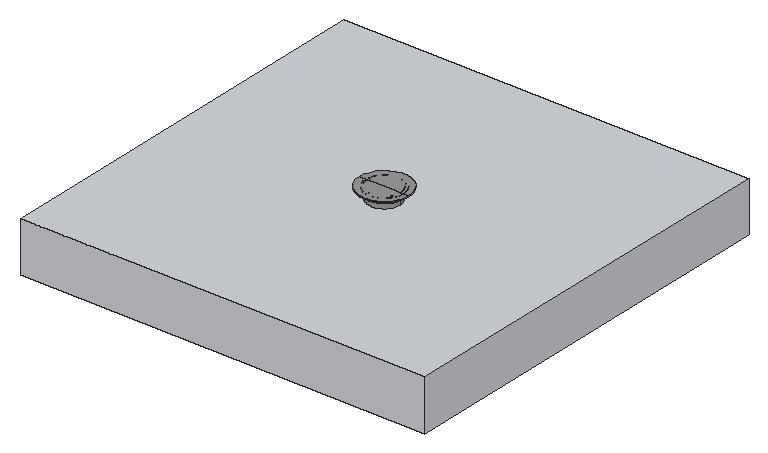
Revit family "LAMP_MUN DARK 300 SURFACE", category Modelos genéricos, Revit 2015 (continued)
Definition of nested family "Fotometria Mun Dark 300"
  Types (3, lengths in mm): name | built-in parameter 1150142 | built-in parameter 1150134 | built-in parameter 1150105 | built-in parameter 1150107 | built-in parameter 1150106 | Photometric Web File
    3000K | "IESNA:LM-63-1995\r\n[TEST] 10540100\r\n[DATE] 26-10-2016\r\n[MANUFAC] LAMP S.A.\r\n[LUMCAT] 10540100\r\n[LUMINAIRE] MUN DARK??300 NW WH.\r\n[LAMPCAT] 600mm de tira flexible LF06A-W3F-840 a 350mA\r\n[LAMP] \r\nTILT=NONE\r\n    1        90 1.00   37   36    1    1   0.400   0.300   0.067\r\n  1.0  1.0    4.0\r\n    0.0    5.0   10.0   15.0   20.0   25.0   30.0   35.0   40.0   45.0   50.0   55.0   60.0   65.0   70.0   75.0   80.0   85.0   90.0   95.0  100.0  105.0  110.0  115.0  120.0  125.0  130.0  135.0  140.0  145.0  150.0  155.0  160.0  165.0  170.0  175.0  180.0\r\n    0.0   10.0   20.0   30.0   40.0   50.0   60.0   70.0   80.0   90.0  100.0  110.0  120.0  130.0  140.0  150.0  160.0  170.0  180.0  190.0  200.0  210.0  220.0  230.0  240.0  250.0  260.0  270.0  280.0  290.0  300.0  310.0  320.0  330.0  340.0  350.0\r\n      18.2      17.9      16.7      15.8      15.6      15.6      15.6      15.5      15.3      14.9      14.5      13.9      13.2      12.4      11.5      10.4       9.3       8.1       7.1       6.2       4.6       2.3       1.1       0.9       0.7       0.6       0.6       0.6       0.5       0.1       0.0       0.0       0.0       0.0       0.0       0.0       0.0\r\n      18.2      17.9      16.7      15.8      15.6      15.6      15.6      15.5      15.3      14.9      14.5      13.9      13.2      12.4      11.5      10.4       9.3       8.1       7.1       6.2       4.6       2.3       1.1       0.9       0.7       0.6       0.6       0.6       0.6       0.1       0.0       0.0       0.0       0.0       0.0       0.0       0.0\r\n      18.2      17.9      16.7      15.8      15.6      15.6      15.6      15.5      15.3      14.9      14.5      13.9      13.2      12.4      11.5      10.5       9.3       8.1       7.1       6.2       4.6       2.3       1.1       0.9       0.7       0.6       0.6       0.6       0.6       0.1       0.0       0.0       0.0       0.0       0.0       0.0       0.0\r\n      18.2      17.9      16.7      15.8      15.6      15.6      15.6      15.5      15.3      14.9      14.5      13.9      13.3      12.4      11.5      10.5       9.3       8.1       7.1       6.2       4.6       2.3       1.1       0.9       0.7       0.7       0.6       0.6       0.6       0.1       0.0       0.0       0.0       0.0       0.0       0.0       0.0\r\n      18.2      17.9      16.7      15.8      15.6      15.6      15.6      15.5      15.3      14.9      14.5      14.0      13.3      12.4      11.5      10.5       9.3       8.1       7.1       6.2       4.6       2.3       1.1       0.9       0.7       0.7       0.6       0.6       0.6       0.1       0.0       0.0       0.0       0.0       0.0       0.0       0.0\r\n      18.2      17.9      16.7      15.8      15.6      15.6      15.6      15.5      15.3      14.9      14.5      14.0      13.3      12.4      11.5      10.5       9.3       8.1       7.1       6.2       4.6       2.3       1.1       0.9       0.7       0.7       0.6       0.6       0.6       0.1       0.0       0.0       0.0       0.0       0.0       0.0       0.0\r\n      18.2      17.9      16.7      15.8      15.6      15.6      15.6      15.5      15.3      14.9      14.5      13.9      13.3      12.4      11.5      10.5       9.3       8.1       7.1       6.2       4.6       2.3       1.1       0.9       0.7       0.7       0.6       0.6       0.6       0.1       0.0       0.0       0.0       0.0       0.0       0.0       0.0\r\n      18.2      17.9      16.7      15.8      15.6      15.6      15.6      15.5      15.3      14.9      14.5      13.9      13.2      12.4      11.5      10.5       9.3       8.1       7.1       6.2       4.6       2.3       1.1       0.9       0.7       0.6       0.6       0.6       0.6       0.1       0.0       0.0       0.0       0.0       0.0       0.0       0.0\r\n      18.2      17.9      16.7      15.8      15.6      15.6      15.6      15.5      15.3      14.9      14.5      13.9      13.2      12.4      11.5      10.4       9.3       8.1       7.1       6.2       4.6       2.3       1.1       0.9       0.7       0.6       0.6       0.6       0.6       0.1       0.0       0.0       0.0       0.0       0.0       0.0       0.0\r\n      18.2      17.9      16.7      15.8      15.6      15.6      15.6      15.5      15.3      14.9      14.5      13.9      13.2      12.4      11.5      10.4       9.3       8.1       7.1       6.2       4.6       2.3       1.1       0.9       0.7       0.6       0.6       0.6       0.5       0.1       0.0       0.0       0.0       0.0       0.0       0.0       0.0\r\n      18.2      17.9      16.7      15.8      15.6      15.6      15.6      15.5      15.3      14.9      14.5      13.9      13.2      12.4      11.5      10.4       9.3       8.1       7.1       6.2       4.6       2.3       1.1       0.9       0.7       0.6       0.6       0.6       0.6       0.1       0.0       0.0       0.0       0.0       0.0       0.0       0.0\r\n      18.2      17.9      16.7      15.8      15.6      15.6      15.6      15.5      15.3      14.9      14.5      13.9      13.2      12.4      11.5      10.5       9.3       8.1       7.1       6.2       4.6       2.3       1.1       0.9       0.7       0.6       0.6       0.6       0.6       0.1       0.0       0.0       0.0       0.0       0.0       0.0       0.0\r\n      18.2      17.9      16.7      15.8      15.6      15.6      15.6      15.5      15.3      14.9      14.5      13.9      13.3      12.4      11.5      10.5       9.3       8.1       7.1       6.2       4.6       2.3       1.1       0.9       0.7       0.7       0.6       0.6       0.6       0.1       0.0       0.0       0.0       0.0       0.0       0.0       0.0\r\n      18.2      17.9      16.7      15.8      15.6      15.6      15.6      15.5      15.3      14.9      14.5      14.0      13.3      12.4      11.5      10.5       9.3       8.1       7.1       6.2       4.6       2.3       1.1       0.9       0.7       0.7       0.6       0.6       0.6       0.1       0.0       0.0       0.0       0.0       0.0       0.0       0.0\r\n      18.2      17.9      16.7      15.8      15.6      15.6      15.6      15.5      15.3      14.9      14.5      14.0      13.3      12.4      11.5      10.5       9.3       8.1       7.1       6.2       4.6       2.3       1.1       0.9       0.7       0.7       0.6       0.6       0.6       0.1       0.0       0.0       0.0       0.0       0.0       0.0       0.0\r\n      18.2      17.9      16.7      15.8      15.6      15.6      15.6      15.5      15.3      14.9      14.5      13.9      13.3      12.4      11.5      10.5       9.3       8.1       7.1       6.2       4.6       2.3       1.1       0.9       0.7       0.7       0.6       0.6       0.6       0.1       0.0       0.0       0.0       0.0       0.0       0.0       0.0\r\n      18.2      17.9      16.7      15.8      15.6      15.6      15.6      15.5      15.3      14.9      14.5      13.9      13.2      12.4      11.5      10.5       9.3       8.1       7.1       6.2       4.6       2.3       1.1       0.9       0.7       0.6       0.6       0.6       0.6       0.1       0.0       0.0       0.0       0.0       0.0       0.0       0.0\r\n      18.2      17.9      16.7      15.8      15.6      15.6      15.6      15.5      15.3      14.9      14.5      13.9      13.2      12.4      11.5      10.4       9.3       8.1       7.1       6.2       4.6       2.3       1.1       0.9       0.7       0.6       0.6       0.6       0.6       0.1       0.0       0.0       0.0       0.0       0.0       0.0       0.0\r\n      18.2      17.9      16.7      15.8      15.6      15.6      15.6      15.5      15.3      14.9      14.5      13.9      13.2      12.4      11.5      10.4       9.3       8.1       7.1       6.2       4.6       2.3       1.1       0.9       0.7       0.6       0.6       0.6       0.5       0.1       0.0       0.0       0.0       0.0       0.0       0.0       0.0\r\n      18.2      17.9      16.7      15.8      15.6      15.6      15.6      15.5      15.3      14.9      14.5      13.9      13.2      12.4      11.5      10.4       9.3       8.1       7.1       6.2       4.6       2.3       1.1       0.9       0.7       0.6       0.6       0.6       0.6       0.1       0.0       0.0       0.0       0.0       0.0       0.0       0.0\r\n      18.2      17.9      16.7      15.8      15.6      15.6      15.6      15.5      15.3      14.9      14.5      13.9      13.2      12.4      11.5      10.5       9.3       8.1       7.1       6.2       4.6       2.3       1.1       0.9       0.7       0.6       0.6       0.6       0.6       0.1       0.0       0.0       0.0       0.0       0.0       0.0       0.0\r\n      18.2      17.9      16.7      15.8      15.6      15.6      15.6      15.5      15.3      14.9      14.5      13.9      13.3      12.4      11.5      10.5       9.3       8.1       7.1       6.2       4.6       2.3       1.1       0.9       0.7       0.7       0.6       0.6       0.6       0.1       0.0       0.0       0.0       0.0       0.0       0.0       0.0\r\n      18.2      17.9      16.7      15.8      15.6      15.6      15.6      15.5      15.3      14.9      14.5      14.0      13.3      12.4      11.5      10.5       9.3       8.1       7.1       6.2       4.6       2.3       1.1       0.9       0.7       0.7       0.6       0.6       0.6       0.1       0.0       0.0       0.0       0.0       0.0       0.0       0.0\r\n      18.2      17.9      16.7      15.8      15.6      15.6      15.6      15.5      15.3      14.9      14.5      14.0      13.3      12.4      11.5      10.5       9.3       8.1       7.1       6.2       4.6       2.3       1.1       0.9       0.7       0.7       0.6       0.6       0.6       0.1       0.0       0.0       0.0       0.0       0.0       0.0       0.0\r\n      18.2      17.9      16.7      15.8      15.6      15.6      15.6      15.5      15.3      14.9      14.5      13.9      13.3      12.4      11.5      10.5       9.3       8.1       7.1       6.2       4.6       2.3       1.1       0.9       0.7       0.7       0.6       0.6       0.6       0.1       0.0       0.0       0.0       0.0       0.0       0.0       0.0\r\n      18.2      17.9      16.7      15.8      15.6      15.6      15.6      15.5      15.3      14.9      14.5      13.9      13.2      12.4      11.5      10.5       9.3       8.1       7.1       6.2       4.6       2.3       1.1       0.9       0.7       0.6       0.6       0.6       0.6       0.1       0.0       0.0       0.0       0.0       0.0       0.0       0.0\r\n      18.2      17.9      16.7      15.8      15.6      15.6      15.6      15.5      15.3      14.9      14.5      13.9      13.2      12.4      11.5      10.4       9.3       8.1       7.1       6.2       4.6       2.3       1.1       0.9       0.7       0.6       0.6       0.6       0.6       0.1       0.0       0.0       0.0       0.0       0.0       0.0       0.0\r\n      18.2      17.9      16.7      15.8      15.6      15.6      15.6      15.5      15.3      14.9      14.5      13.9      13.2      12.4      11.5      10.4       9.3       8.1       7.1       6.2       4.6       2.3       1.1       0.9       0.7       0.6       0.6       0.6       0.5       0.1       0.0       0.0       0.0       0.0       0.0       0.0       0.0\r\n      18.2      17.9      16.7      15.8      15.6      15.6      15.6      15.5      15.3      14.9      14.5      13.9      13.2      12.4      11.5      10.4       9.3       8.1       7.1       6.2       4.6       2.3       1.1       0.9       0.7       0.6       0.6       0.6       0.6       0.1       0.0       0.0       0.0       0.0       0.0       0.0       0.0\r\n      18.2      17.9      16.7      15.8      15.6      15.6      15.6      15.5      15.3      14.9      14.5      13.9      13.2      12.4      11.5      10.5       9.3       8.1       7.1       6.2       4.6       2.3       1.1       0.9       0.7       0.6       0.6       0.6       0.6       0.1       0.0       0.0       0.0       0.0       0.0       0.0       0.0\r\n      18.2      17.9      16.7      15.8      15.6      15.6      15.6      15.5      15.3      14.9      14.5      13.9      13.3      12.4      11.5      10.5       9.3       8.1       7.1       6.2       4.6       2.3       1.1       0.9       0.7       0.7       0.6       0.6       0.6       0.1       0.0       0.0       0.0       0.0       0.0       0.0       0.0\r\n      18.2      17.9      16.7      15.8      15.6      15.6      15.6      15.5      15.3      14.9      14.5      14.0      13.3      12.4      11.5      10.5       9.3       8.1       7.1       6.2       4.6       2.3       1.1       0.9       0.7       0.7       0.6       0.6       0.6       0.1       0.0       0.0       0.0       0.0       0.0       0.0       0.0\r\n      18.2      17.9      16.7      15.8      15.6      15.6      15.6      15.5      15.3      14.9      14.5      14.0      13.3      12.4      11.5      10.5       9.3       8.1       7.1       6.2       4.6       2.3       1.1       0.9       0.7       0.7       0.6       0.6       0.6       0.1       0.0       0.0       0.0       0.0       0.0       0.0       0.0\r\n      18.2      17.9      16.7      15.8      15.6      15.6      15.6      15.5      15.3      14.9      14.5      13.9      13.3      12.4      11.5      10.5       9.3       8.1       7.1       6.2       4.6       2.3       1.1       0.9       0.7       0.7       0.6       0.6       0.6       0.1       0.0       0.0       0.0       0.0       0.0       0.0       0.0\r\n      18.2      17.9      16.7      15.8      15.6      15.6      15.6      15.5      15.3      14.9      14.5      13.9      13.2      12.4      11.5      10.5       9.3       8.1       7.1       6.2       4.6       2.3       1.1       0.9       0.7       0.6       0.6       0.6       0.6       0.1       0.0       0.0       0.0       0.0       0.0       0.0       0.0\r\n      18.2      17.9      16.7      15.8      15.6      15.6      15.6      15.5      15.3      14.9      14.5      13.9      13.2      12.4      11.5      10.4       9.3       8.1       7.1       6.2       4.6       2.3       1.1       0.9       0.7       0.6       0.6       0.6       0.6       0.1       0.0       0.0       0.0       0.0       0.0       0.0       0.0\r\n" | (empty or 0) | 60.667 (stored number, unit not read) | 3000 (stored number, unit not read) | 0.60667 (stored number, unit not read) | "10540100.IES"
    4000K | "IESNA:LM-63-1995\r\n[TEST] 10540120\r\n[DATE] 26-10-2016\r\n[MANUFAC] LAMP S.A.\r\n[LUMCAT] 10540120\r\n[LUMINAIRE] MUN DARK??120 NW WH.\r\n[LAMPCAT] 200mm de tira flexible LF06A-W3F-840 a 350mA\r\n[LAMP] \r\nTILT=NONE\r\n    1        30 1.00   37   36    1    1   0.400   0.180   0.047\r\n  1.0  1.0    2.0\r\n    0.0    5.0   10.0   15.0   20.0   25.0   30.0   35.0   40.0   45.0   50.0   55.0   60.0   65.0   70.0   75.0   80.0   85.0   90.0   95.0  100.0  105.0  110.0  115.0  120.0  125.0  130.0  135.0  140.0  145.0  150.0  155.0  160.0  165.0  170.0  175.0  180.0\r\n    0.0   10.0   20.0   30.0   40.0   50.0   60.0   70.0   80.0   90.0  100.0  110.0  120.0  130.0  140.0  150.0  160.0  170.0  180.0  190.0  200.0  210.0  220.0  230.0  240.0  250.0  260.0  270.0  280.0  290.0  300.0  310.0  320.0  330.0  340.0  350.0\r\n       6.1       6.0       5.6       5.3       5.2       5.2       5.2       5.2       5.1       5.0       4.8       4.6       4.4       4.1       3.8       3.5       3.1       2.7       2.4       2.1       1.5       0.8       0.4       0.3       0.2       0.2       0.2       0.2       0.2       0.0       0.0       0.0       0.0       0.0       0.0       0.0       0.0\r\n       6.1       6.0       5.6       5.3       5.2       5.2       5.2       5.2       5.1       5.0       4.8       4.6       4.4       4.1       3.8       3.5       3.1       2.7       2.4       2.1       1.5       0.8       0.4       0.3       0.2       0.2       0.2       0.2       0.2       0.0       0.0       0.0       0.0       0.0       0.0       0.0       0.0\r\n       6.1       6.0       5.6       5.3       5.2       5.2       5.2       5.2       5.1       5.0       4.8       4.6       4.4       4.1       3.8       3.5       3.1       2.7       2.4       2.1       1.5       0.8       0.4       0.3       0.2       0.2       0.2       0.2       0.2       0.0       0.0       0.0       0.0       0.0       0.0       0.0       0.0\r\n       6.1       6.0       5.6       5.3       5.2       5.2       5.2       5.2       5.1       5.0       4.8       4.6       4.4       4.1       3.8       3.5       3.1       2.7       2.4       2.1       1.5       0.8       0.4       0.3       0.2       0.2       0.2       0.2       0.2       0.0       0.0       0.0       0.0       0.0       0.0       0.0       0.0\r\n       6.1       6.0       5.6       5.3       5.2       5.2       5.2       5.2       5.1       5.0       4.8       4.7       4.4       4.1       3.8       3.5       3.1       2.7       2.4       2.1       1.5       0.8       0.4       0.3       0.2       0.2       0.2       0.2       0.2       0.0       0.0       0.0       0.0       0.0       0.0       0.0       0.0\r\n       6.1       6.0       5.6       5.3       5.2       5.2       5.2       5.2       5.1       5.0       4.8       4.7       4.4       4.1       3.8       3.5       3.1       2.7       2.4       2.1       1.5       0.8       0.4       0.3       0.2       0.2       0.2       0.2       0.2       0.0       0.0       0.0       0.0       0.0       0.0       0.0       0.0\r\n       6.1       6.0       5.6       5.3       5.2       5.2       5.2       5.2       5.1       5.0       4.8       4.6       4.4       4.1       3.8       3.5       3.1       2.7       2.4       2.1       1.5       0.8       0.4       0.3       0.2       0.2       0.2       0.2       0.2       0.0       0.0       0.0       0.0       0.0       0.0       0.0       0.0\r\n       6.1       6.0       5.6       5.3       5.2       5.2       5.2       5.2       5.1       5.0       4.8       4.6       4.4       4.1       3.8       3.5       3.1       2.7       2.4       2.1       1.5       0.8       0.4       0.3       0.2       0.2       0.2       0.2       0.2       0.0       0.0       0.0       0.0       0.0       0.0       0.0       0.0\r\n       6.1       6.0       5.6       5.3       5.2       5.2       5.2       5.2       5.1       5.0       4.8       4.6       4.4       4.1       3.8       3.5       3.1       2.7       2.4       2.1       1.5       0.8       0.4       0.3       0.2       0.2       0.2       0.2       0.2       0.0       0.0       0.0       0.0       0.0       0.0       0.0       0.0\r\n       6.1       6.0       5.6       5.3       5.2       5.2       5.2       5.2       5.1       5.0       4.8       4.6       4.4       4.1       3.8       3.5       3.1       2.7       2.4       2.1       1.5       0.8       0.4       0.3       0.2       0.2       0.2       0.2       0.2       0.0       0.0       0.0       0.0       0.0       0.0       0.0       0.0\r\n       6.1       6.0       5.6       5.3       5.2       5.2       5.2       5.2       5.1       5.0       4.8       4.6       4.4       4.1       3.8       3.5       3.1       2.7       2.4       2.1       1.5       0.8       0.4       0.3       0.2       0.2       0.2       0.2       0.2       0.0       0.0       0.0       0.0       0.0       0.0       0.0       0.0\r\n       6.1       6.0       5.6       5.3       5.2       5.2       5.2       5.2       5.1       5.0       4.8       4.6       4.4       4.1       3.8       3.5       3.1       2.7       2.4       2.1       1.5       0.8       0.4       0.3       0.2       0.2       0.2       0.2       0.2       0.0       0.0       0.0       0.0       0.0       0.0       0.0       0.0\r\n       6.1       6.0       5.6       5.3       5.2       5.2       5.2       5.2       5.1       5.0       4.8       4.6       4.4       4.1       3.8       3.5       3.1       2.7       2.4       2.1       1.5       0.8       0.4       0.3       0.2       0.2       0.2       0.2       0.2       0.0       0.0       0.0       0.0       0.0       0.0       0.0       0.0\r\n       6.1       6.0       5.6       5.3       5.2       5.2       5.2       5.2       5.1       5.0       4.8       4.7       4.4       4.1       3.8       3.5       3.1       2.7       2.4       2.1       1.5       0.8       0.4       0.3       0.2       0.2       0.2       0.2       0.2       0.0       0.0       0.0       0.0       0.0       0.0       0.0       0.0\r\n       6.1       6.0       5.6       5.3       5.2       5.2       5.2       5.2       5.1       5.0       4.8       4.7       4.4       4.1       3.8       3.5       3.1       2.7       2.4       2.1       1.5       0.8       0.4       0.3       0.2       0.2       0.2       0.2       0.2       0.0       0.0       0.0       0.0       0.0       0.0       0.0       0.0\r\n       6.1       6.0       5.6       5.3       5.2       5.2       5.2       5.2       5.1       5.0       4.8       4.6       4.4       4.1       3.8       3.5       3.1       2.7       2.4       2.1       1.5       0.8       0.4       0.3       0.2       0.2       0.2       0.2       0.2       0.0       0.0       0.0       0.0       0.0       0.0       0.0       0.0\r\n       6.1       6.0       5.6       5.3       5.2       5.2       5.2       5.2       5.1       5.0       4.8       4.6       4.4       4.1       3.8       3.5       3.1       2.7       2.4       2.1       1.5       0.8       0.4       0.3       0.2       0.2       0.2       0.2       0.2       0.0       0.0       0.0       0.0       0.0       0.0       0.0       0.0\r\n       6.1       6.0       5.6       5.3       5.2       5.2       5.2       5.2       5.1       5.0       4.8       4.6       4.4       4.1       3.8       3.5       3.1       2.7       2.4       2.1       1.5       0.8       0.4       0.3       0.2       0.2       0.2       0.2       0.2       0.0       0.0       0.0       0.0       0.0       0.0       0.0       0.0\r\n       6.1       6.0       5.6       5.3       5.2       5.2       5.2       5.2       5.1       5.0       4.8       4.6       4.4       4.1       3.8       3.5       3.1       2.7       2.4       2.1       1.5       0.8       0.4       0.3       0.2       0.2       0.2       0.2       0.2       0.0       0.0       0.0       0.0       0.0       0.0       0.0       0.0\r\n       6.1       6.0       5.6       5.3       5.2       5.2       5.2       5.2       5.1       5.0       4.8       4.6       4.4       4.1       3.8       3.5       3.1       2.7       2.4       2.1       1.5       0.8       0.4       0.3       0.2       0.2       0.2       0.2       0.2       0.0       0.0       0.0       0.0       0.0       0.0       0.0       0.0\r\n       6.1       6.0       5.6       5.3       5.2       5.2       5.2       5.2       5.1       5.0       4.8       4.6       4.4       4.1       3.8       3.5       3.1       2.7       2.4       2.1       1.5       0.8       0.4       0.3       0.2       0.2       0.2       0.2       0.2       0.0       0.0       0.0       0.0       0.0       0.0       0.0       0.0\r\n       6.1       6.0       5.6       5.3       5.2       5.2       5.2       5.2       5.1       5.0       4.8       4.6       4.4       4.1       3.8       3.5       3.1       2.7       2.4       2.1       1.5       0.8       0.4       0.3       0.2       0.2       0.2       0.2       0.2       0.0       0.0       0.0       0.0       0.0       0.0       0.0       0.0\r\n       6.1       6.0       5.6       5.3       5.2       5.2       5.2       5.2       5.1       5.0       4.8       4.7       4.4       4.1       3.8       3.5       3.1       2.7       2.4       2.1       1.5       0.8       0.4       0.3       0.2       0.2       0.2       0.2       0.2       0.0       0.0       0.0       0.0       0.0       0.0       0.0       0.0\r\n       6.1       6.0       5.6       5.3       5.2       5.2       5.2       5.2       5.1       5.0       4.8       4.7       4.4       4.1       3.8       3.5       3.1       2.7       2.4       2.1       1.5       0.8       0.4       0.3       0.2       0.2       0.2       0.2       0.2       0.0       0.0       0.0       0.0       0.0       0.0       0.0       0.0\r\n       6.1       6.0       5.6       5.3       5.2       5.2       5.2       5.2       5.1       5.0       4.8       4.6       4.4       4.1       3.8       3.5       3.1       2.7       2.4       2.1       1.5       0.8       0.4       0.3       0.2       0.2       0.2       0.2       0.2       0.0       0.0       0.0       0.0       0.0       0.0       0.0       0.0\r\n       6.1       6.0       5.6       5.3       5.2       5.2       5.2       5.2       5.1       5.0       4.8       4.6       4.4       4.1       3.8       3.5       3.1       2.7       2.4       2.1       1.5       0.8       0.4       0.3       0.2       0.2       0.2       0.2       0.2       0.0       0.0       0.0       0.0       0.0       0.0       0.0       0.0\r\n       6.1       6.0       5.6       5.3       5.2       5.2       5.2       5.2       5.1       5.0       4.8       4.6       4.4       4.1       3.8       3.5       3.1       2.7       2.4       2.1       1.5       0.8       0.4       0.3       0.2       0.2       0.2       0.2       0.2       0.0       0.0       0.0       0.0       0.0       0.0       0.0       0.0\r\n       6.1       6.0       5.6       5.3       5.2       5.2       5.2       5.2       5.1       5.0       4.8       4.6       4.4       4.1       3.8       3.5       3.1       2.7       2.4       2.1       1.5       0.8       0.4       0.3       0.2       0.2       0.2       0.2       0.2       0.0       0.0       0.0       0.0       0.0       0.0       0.0       0.0\r\n       6.1       6.0       5.6       5.3       5.2       5.2       5.2       5.2       5.1       5.0       4.8       4.6       4.4       4.1       3.8       3.5       3.1       2.7       2.4       2.1       1.5       0.8       0.4       0.3       0.2       0.2       0.2       0.2       0.2       0.0       0.0       0.0       0.0       0.0       0.0       0.0       0.0\r\n       6.1       6.0       5.6       5.3       5.2       5.2       5.2       5.2       5.1       5.0       4.8       4.6       4.4       4.1       3.8       3.5       3.1       2.7       2.4       2.1       1.5       0.8       0.4       0.3       0.2       0.2       0.2       0.2       0.2       0.0       0.0       0.0       0.0       0.0       0.0       0.0       0.0\r\n       6.1       6.0       5.6       5.3       5.2       5.2       5.2       5.2       5.1       5.0       4.8       4.6       4.4       4.1       3.8       3.5       3.1       2.7       2.4       2.1       1.5       0.8       0.4       0.3       0.2       0.2       0.2       0.2       0.2       0.0       0.0       0.0       0.0       0.0       0.0       0.0       0.0\r\n       6.1       6.0       5.6       5.3       5.2       5.2       5.2       5.2       5.1       5.0       4.8       4.7       4.4       4.1       3.8       3.5       3.1       2.7       2.4       2.1       1.5       0.8       0.4       0.3       0.2       0.2       0.2       0.2       0.2       0.0       0.0       0.0       0.0       0.0       0.0       0.0       0.0\r\n       6.1       6.0       5.6       5.3       5.2       5.2       5.2       5.2       5.1       5.0       4.8       4.7       4.4       4.1       3.8       3.5       3.1       2.7       2.4       2.1       1.5       0.8       0.4       0.3       0.2       0.2       0.2       0.2       0.2       0.0       0.0       0.0       0.0       0.0       0.0       0.0       0.0\r\n       6.1       6.0       5.6       5.3       5.2       5.2       5.2       5.2       5.1       5.0       4.8       4.6       4.4       4.1       3.8       3.5       3.1       2.7       2.4       2.1       1.5       0.8       0.4       0.3       0.2       0.2       0.2       0.2       0.2       0.0       0.0       0.0       0.0       0.0       0.0       0.0       0.0\r\n       6.1       6.0       5.6       5.3       5.2       5.2       5.2       5.2       5.1       5.0       4.8       4.6       4.4       4.1       3.8       3.5       3.1       2.7       2.4       2.1       1.5       0.8       0.4       0.3       0.2       0.2       0.2       0.2       0.2       0.0       0.0       0.0       0.0       0.0       0.0       0.0       0.0\r\n       6.1       6.0       5.6       5.3       5.2       5.2       5.2       5.2       5.1       5.0       4.8       4.6       4.4       4.1       3.8       3.5       3.1       2.7       2.4       2.1       1.5       0.8       0.4       0.3       0.2       0.2       0.2       0.2       0.2       0.0       0.0       0.0       0.0       0.0       0.0       0.0       0.0\r\n" | 12 | 61 (stored number, unit not read) | 4000 (stored number, unit not read) | 0.61 (stored number, unit not read) | "10540120.IES"
  Reference planes
    plane 1 "Eje de origen de luz (F/P)": y = 0
    plane 2: z = 0
    plane 3 "Eje de origen de luz (I/D)": x = 0
    plane 4 "Elevación de origen de luz": z = 1400
  Dimensions and locks
    aligned and locked: plane 3 "Eje de origen de luz (I/D)" to imposter light
    aligned and locked: plane 1 "Eje de origen de luz (F/P)" to imposter light
    aligned and locked: plane 4 "Elevación de origen de luz" to imposter light
    aligned and locked: plane 2 to level
Types (4, lengths in mm): name | Product datasheet | Product code | Modelo | Material cuerpo | Material base | Initial color | Finish | Descripción
  45LM 4000 WHITE | "http://www.lamp.es/product-files/TECH/MD1300SF0120840NW-EN.pdf" | "MD1300SF0120840NW" | "MD1300SF0120840NW" | LAMP_Aluminio Mun Dark WH | LAMP_Aluminio base MunDark WH | 4000 K | "Texturised matte white" | "MUN DARK Ø300 NW WH."
  45LM 4000 GRAPHITE | "http://www.lamp.es/product-files/TECH/MD1300SF0120840NB-EN.pdf" | "MD1300SF0120840NB" | "MD1300SF0120840NB" | LAMP_Aluminio Mun Dark BL | LAMP_Aluminio base MunDark BL | 4000 K | "Texturised matte graphite" | "MUN DARK Ø300 NW GRH."
  45LM 3000 WHITE | "http://www.lamp.es/product-files/TECH/MD1300SF0120830NW-EN.pdf" | "MD1300SF0120830NW" | "MD1300SF0120830NW" | LAMP_Aluminio Mun Dark WH | LAMP_Aluminio base MunDark WH | 3000 K | "Texturised matte white" | "MUN DARK Ø300 WW WH."
  45LM 3000 GRAPHITE | "http://www.lamp.es/product-files/TECH/MD1300SF0120830NB-EN.pdf" | "MD1300SF0120830NB" | "MD1300SF0120830NB" | LAMP_Aluminio Mun Dark BL | LAMP_Aluminio base MunDark BL | 3000 K | "Texturised matte graphite" | "MUN DARK Ø300 WW GRH."
